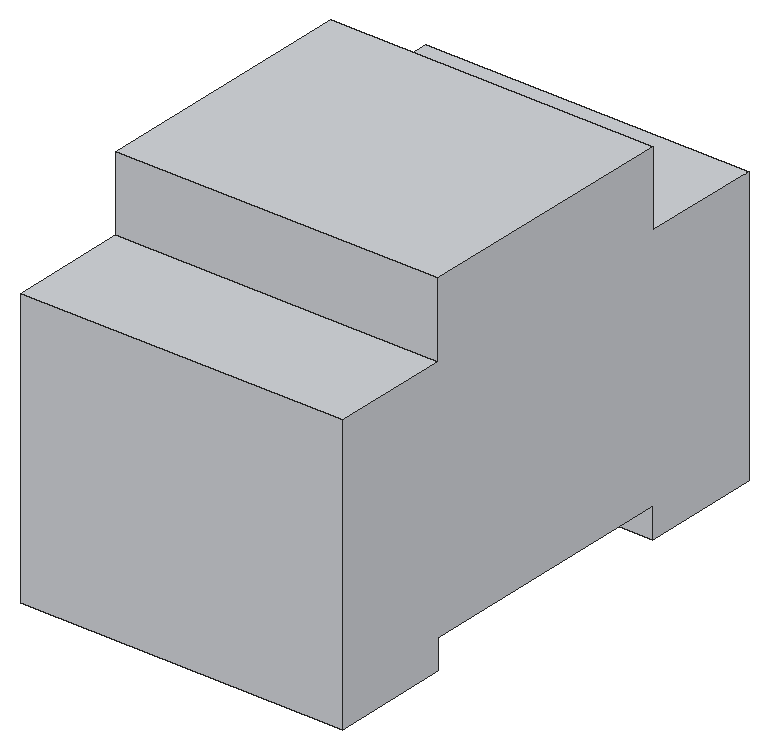
Revit family "Power-ModularDevices-GEWISS-90AM-CONTACTORS_40A", category Apparecchi elettrici, host Superficie, Revit 2016
Family settings
  Host = Superficie
  Mantenere orientamento annotazione = Sì
  Tipo di parte = Normale
  Quota connettore circolare = Usa diametro
  Numero OmniClass = 23.80.30.00
  Titolo OmniClass = Distribution Devices
  Taglio con vuoti quando caricato = No
  Condiviso = No
  Punto di calcolo locali = Sì
Parameters (values of type "GWD6725 - CONTACTOR 40A 2NO+2NC 230V 3M")
  dIST sIMBOLO [instance] = 6.4 mm  # constant formula
  Version file RFA = "18.0"
  URL = "https://www.gewiss.com/ww/en"
  Technical sheet = "https://www.gewiss.com/ww/en/search?q=GWD6725"
  TEXT LABEL = "A"
  Realized by GEWISS S.p.A. = ""
  Rated current (AC-1/AC-7a) = "40 A - CTR40"
  Default Elevation = 1219.2 mm
  Produttore = "GEWISS S.p.A."
  Potenza in Watt = 0 V
  Numero poli = 1
  No. Chorus modules = "3"
  Modello = "GWD6725"
  Immagine tipo = GWD6725.jpg
  IFC.TypeObject = ""
  IFC.ExportType = ""
  IFC.ExportAs = ""
  IDT = "cf1be6d4-11a6-4aae-8e9c-46eae0d5676d"
  IDF = "1bff8ad1-67a9-48c8-9278-5f77d0eb7883"
  Fin_contattore = none
  Electrocod = "1712                "
  EAN code = "8011564809628"
  Dist_dalla barra din [instance] = 5 mm
  Descrizione = "CONTACTOR 40A 2NO+2NC 230V 3M"
  D = 45 mm  # constant formula
  Control coil voltage (V) = "230Vac - 220Vdc"
  Contacts = "2NO+2NC"
  Catalogue Range = "90 AM"
  Catalogue = "POWER"
  COBie.Tagnumber = ""
  COBie.CreatedOn = ""
  COBie.CreatebBy = ""
  COBie.ComponentRegisterItemID = ""
  COBie.Component.TagNumber = ""
  COBie.Component.Space = ""
  COBie.Component.SerialNumber = ""
  COBie.Component.InstallationDate = ""
  COBie.Component.Description = ""
  COBie.Component.BarCode = ""
  C = 65 mm  # constant formula
  B = 85 mm  # constant formula
  A = 54 mm  # constant formula
Types (6, lengths in mm): name | URL | Technical sheet | Produttore | Modello | Immagine tipo | IDT | EAN code | Descrizione | Control coil voltage (V) | Contacts
  (no name) | 0 | "" | "GEWISS" | "GWD6721" | GWD6721.jpg | "" | "" | "CONTATTORE 40A 2NA 230V 3M" | "" | ""
  GWD6725 - CONTACTOR 40A 2NO+2NC 230V 3M | "https://www.gewiss.com/ww/en" | "https://www.gewiss.com/ww/en/search?q=GWD6725" | "GEWISS S.p.A." | "GWD6725" | GWD6725.jpg | "cf1be6d4-11a6-4aae-8e9c-46eae0d5676d" | "8011564809628" | "CONTACTOR 40A 2NO+2NC 230V 3M" | "230Vac - 220Vdc" | "2NO+2NC"
  GWD6724 - CONTACTOR 40A 4NO 230V 3M | "https://www.gewiss.com/ww/en" | "https://www.gewiss.com/ww/en/search?q=GWD6724" | "GEWISS S.p.A." | "GWD6724" | GWD6724.jpg | "2e6ec947-e023-42a4-a038-d84299cd4f13" | "8011564809611" | "CONTACTOR 40A 4NO 230V 3M" | "230Vac - 220Vdc" | "4NO"
  GWD6723 - CONTACTOR 40A 4NO 24V 3M | "https://www.gewiss.com/ww/en" | "https://www.gewiss.com/ww/en/search?q=GWD6723" | "GEWISS S.p.A." | "GWD6723" | GWD6723.jpg | "7136f710-4883-4bd2-ab5b-0f863c4dc4c2" | "8011564809604" | "CONTACTOR 40A 4NO 24V 3M" | "24Vac/dc" | "4NO"
  GWD6722 - CONTACTOR 40A 3NO 230V 3M | "https://www.gewiss.com/ww/en" | "https://www.gewiss.com/ww/en/search?q=GWD6722" | "GEWISS S.p.A." | "GWD6722" | GWD6722.jpg | "a0efce07-f68b-4c55-a0de-79bf7d568753" | "8011564809581" | "CONTACTOR 40A 3NO 230V 3M" | "230Vac - 220Vdc" | "3NO"
  GWD6721 - CONTACTOR 40A 2NO 230V 3M | "https://www.gewiss.com/ww/en" | "https://www.gewiss.com/ww/en/search?q=GWD6721" | "GEWISS S.p.A." | "GWD6721" | GWD6721.jpg | "890d420f-ac44-42ac-a49a-b4f572f91c22" | "8011564809598" | "CONTACTOR 40A 2NO 230V 3M" | "230Vac - 220Vdc" | "2NO"
Values of the unnamed type that differ from the named types
  Version file RFA = ""
  TEXT LABEL = ""
  Rated current (AC-1/AC-7a) = ""
  No. Chorus modules = ""
  IDF = ""
  Electrocod = ""
  Catalogue Range = ""
  Catalogue = ""
Reference planes
  plane 1 "Centro (Fronte/Retro)": y = 0
  plane 2: z = 0
  plane 3 "Centro (Sinistra/Destra)": x = 0
Dimensions and locks
  aligned and locked: plane 2 to host face
  aligned and locked: level to host face
  aligned and locked: plane 3 "Centro (Sinistra/Destra)" to nested 1
  aligned and locked: plane 1 "Centro (Fronte/Retro)" to nested 1
Nested families
  nested 1: "90AM CONTATTORI 40A_generico" at (0, 0, 0), type "90AM CONTATTORI 40A_generico"
Connectors
  electrical at (0, 42.5, 23.232)
    settings: on nested 1, index 1, voltage 230 V, apparent load 0 VA, apparent load phase1 0 VA, apparent load phase2 0 VA, apparent load phase3 0 VA, power factor 1, load classification "Altro", number of poles 1, system type 31, power factor state 1, is connector primary yes, connector utility no, sub classification motor no, connector description ""
Definition of nested family "90AM CONTATTORI 40A_generico"
  Parameters (values of type "90AM CONTATTORI 40A_generico")
    interruttore = none
    gw96003/04 = yes
    Default Elevation = 1219.2 mm
    Finitura Amperometro = none
    DIST_DALLA BARRA = 5 mm
    D = 45 mm
    C = 59 mm
    B = 85 mm
    A = 54 mm
  Reference planes
    plane 1 "Centro (Fronte/Retro)": y = 0
    plane 2: z = 0
    plane 3 "Centro (Sinistra/Destra)": x = 0
    plane 4: y = -22.5
    plane 5: y = 22.5
    plane 6: y = -32.5
    plane 7: y = 32.5
    plane 8: y = -42.5
    plane 9: y = 42.5
    plane 10 "POSIZIONAMENTO FRONTALE": z = 59
    plane 11: z = 0
    plane 12: z = 5
    plane 13 "FOROMETRIA": z = 33.929
    plane 14 "POSIZIONAMENTO 2D": z = 46.465
    plane 15: x = -27
    plane 16: x = 27
    plane 17: through (0, -1524, 57.378) normal (-0.6412, 0, 0.7674)
    plane 18: z = 43.108
    plane 19 "aaaa": y = -8.75
  Forms (mm)
    Extrusion 1, solid, material <- "Finitura Amperometro"
      sketch origin (0, 0, 5) x (0, 1, 0) y (0, 0, 1)
        loop
          line (22.5, 54) -> (-22.5, 54) -> (-22.5, 41.465) -> (-42.5, 41.465) -> (-42.5, -5) -> (-22.5, -5) -> (-22.5, 0) -> (22.5, 0) -> (22.5, -5) -> (42.5, -5) -> (42.5, 41.465) -> (22.5, 41.465) -> (22.5, 54)
      from -27 to 27
    Extrusion 2, solid, material <- "Finitura Amperometro", detail levels coarse
      sketch origin (0, 0, 33.929) x (0, -1, 0) y (1, 0, 0)
        loop
          line (-42.5, -27) -> (42.5, -27) -> (42.5, 27) -> (-42.5, 27) -> (-42.5, -27)
      from -28.929 to 25.071
    Extrusion 3, solid, material <- "Finitura Amperometro", detail levels coarse
      sketch origin (0, 0, 0) x (0, 1, 0) y (0, 0, 1)
        loop
          line (-3.75, 57.378) -> (3.75, 57.378) -> (3.75, 59) -> (-3.75, 59) -> (-3.75, 57.378)
      from -4.396 to 4.396
  Cuts and joins
    joined: Extrusion 2, Extrusion 3
  Lines and regions (mm)
    model lines, not visible
      curve 1: circle (49.559, -27.168, 46.465) r 2.5 normal (0, 0, 1)
      curve 2: circle (49.559, 28.832, 46.465) r 2.5 normal (0, 0, 1)
      curve 3: line (50.459, -37.043, 46.465) -> (50.459, -38.843, 46.465)
      curve 4: line (50.459, -38.843, 46.465) -> (48.659, -38.843, 46.465)
      curve 5: line (48.659, -38.843, 46.465) -> (48.659, -37.043, 46.465)
      curve 6: line (48.659, -37.043, 46.465) -> (50.459, -37.043, 46.465)
      curve 7: line (50.459, 40.507, 46.465) -> (50.459, 38.707, 46.465)
      curve 8: line (50.459, 38.707, 46.465) -> (48.659, 38.707, 46.465)
      curve 9: line (48.659, 38.707, 46.465) -> (48.659, 40.507, 46.465)
      curve 10: line (48.659, 40.507, 46.465) -> (50.459, 40.507, 46.465)
      curve 11: line (40.559, 23.332, 46.465) -> (58.559, 23.332, 46.465)
      curve 12: line (49.069, -24.716, 46.465) -> (49.069, -26.617, 46.465)
      curve 13: line (49.069, -26.617, 46.465) -> (47.087, -26.79, 46.465)
      curve 14: line (49.07, -29.619, 46.465) -> (49.07, -27.718, 46.465)
      curve 15: line (49.07, -27.718, 46.465) -> (47.087, -27.545, 46.465)
      curve 16: line (52.03, -26.789, 46.465) -> (50.046, -26.617, 46.465)
      curve 17: line (50.046, -26.617, 46.465) -> (50.046, -24.716, 46.465)
      curve 18: line (52.03, -27.545, 46.465) -> (50.046, -27.718, 46.465)
      curve 19: line (50.046, -27.718, 46.465) -> (50.046, -29.62, 46.465)
      curve 20: line (49.069, 31.284, 46.465) -> (49.069, 29.383, 46.465)
      curve 21: line (49.069, 29.383, 46.465) -> (47.087, 29.21, 46.465)
      curve 22: line (49.07, 26.381, 46.465) -> (49.07, 28.282, 46.465)
      curve 23: line (49.07, 28.282, 46.465) -> (47.087, 28.455, 46.465)
      curve 24: line (52.03, 29.211, 46.465) -> (50.046, 29.383, 46.465)
      curve 25: line (50.046, 29.383, 46.465) -> (50.046, 31.284, 46.465)
      curve 26: line (52.03, 28.455, 46.465) -> (50.046, 28.282, 46.465)
      curve 27: line (50.046, 28.282, 46.465) -> (50.046, 26.38, 46.465)
      curve 28: line (58.559, -41.668, 46.465) -> (58.559, -21.668, 46.465)
      curve 29: line (58.559, 43.332, 46.465) -> (40.559, 43.332, 46.465)
      curve 30: line (40.559, 43.332, 46.465) -> (40.559, 23.332, 46.465)
      curve 31: line (40.559, -41.668, 46.465) -> (58.559, -41.668, 46.465)
      curve 32: line (40.559, -21.668, 46.465) -> (58.559, -21.668, 46.465)
      curve 33: line (40.559, -21.668, 46.465) -> (40.559, -41.668, 46.465)
      curve 34: line (58.559, 23.332, 46.465) -> (58.559, 43.332, 46.465)
      curve 86: line (42.97, 22.567, 46.465) -> (96.97, 22.567, 46.465)
      curve 87: line (96.97, -42.433, 46.465) -> (96.97, -22.433, 46.465)
      curve 88: line (96.97, 42.567, 46.465) -> (42.97, 42.567, 46.465)
      curve 89: line (42.97, 42.567, 46.465) -> (42.97, 22.567, 46.465)
      curve 90: line (42.97, -42.433, 46.465) -> (96.97, -42.433, 46.465)
      curve 91: line (42.97, -22.433, 46.465) -> (96.97, -22.433, 46.465)
      curve 92: line (42.97, -22.433, 46.465) -> (42.97, -42.433, 46.465)
      curve 93: line (96.97, 22.567, 46.465) -> (96.97, 42.567, 46.465)
    model lines, detail levels medium+fine
      curve 35: line (-27, 9.895, 59) -> (27, 9.895, 59)
      curve 36: line (27, -22.5, 59) -> (27, -3.002, 59)
      curve 37: line (-27, 21.998, 59) -> (-27, -0.307, 59)
      curve 38: line (-27, -22.5, 59) -> (27, -22.5, 59)
      curve 39: line (-27, -0.307, 59) -> (-27, -22.5, 59)
      curve 40: line (27, -3.002, 59) -> (27, 21.998, 59)
      curve 54: arc (-2.313, -22.433, 46.465) -> (0.002, -28.558, 46.465) -> (2.318, -22.433, 46.465) r 3.5
      curve 56: circle (8.502, -32.808, 46.465) r 3.75 normal (0, 0, 1)
      curve 57: circle (20.002, -32.808, 46.465) r 3.75 normal (0, 0, 1)
      curve 58: circle (-19.998, -32.808, 46.465) r 3.75 normal (0, 0, 1)
      curve 59: circle (-8.498, -32.808, 46.465) r 3.75 normal (0, 0, 1)
      curve 60: circle (-19.998, 32.948, 46.465) r 3.75 normal (0, 0, 1)
      curve 61: circle (20.002, 32.948, 46.465) r 3.75 normal (0, 0, 1)
      curve 62: circle (-8.498, 32.948, 46.465) r 3.75 normal (0, 0, 1)
      curve 63: circle (8.502, 32.948, 46.465) r 3.75 normal (0, 0, 1)
      curve 64: arc (2.31, 22.567, 46.465) -> (0.002, 28.698, 46.465) -> (-2.305, 22.567, 46.465) r 3.5
    model lines, not visible, detail levels medium+fine
      curve 41: line (50.753, -0.698, 59) -> (50.753, 2.302, 59)
      curve 42: line (50.753, 2.302, 59) -> (54.853, 2.302, 59)
      curve 43: line (54.853, 2.302, 59) -> (54.853, -0.698, 59)
      curve 44: line (54.853, -0.698, 59) -> (50.753, -0.698, 59)
      curve 45: line (57.253, -1.182, 59) -> (48.703, -1.182, 59)
      curve 46: line (48.703, -1.182, 59) -> (48.703, 3.473, 59)
      curve 47: line (57.453, 3.473, 59) -> (39.453, 3.473, 59)
      curve 48: line (39.453, 5.599, 59) -> (57.453, 5.599, 59)
      curve 49: line (57.453, -26.796, 59) -> (57.453, -7.298, 59)
      curve 50: line (39.453, 17.702, 59) -> (39.453, -4.603, 59)
      curve 51: line (39.453, -26.796, 59) -> (57.453, -26.796, 59)
      curve 52: line (39.453, -4.603, 59) -> (39.453, -26.796, 59)
      curve 53: line (57.453, -7.298, 59) -> (57.453, 17.702, 59)
      curve 74: arc (67.656, -22.433, 46.465) -> (69.972, -28.558, 46.465) -> (72.287, -22.433, 46.465) r 3.5
      curve 76: circle (78.472, -32.808, 46.465) r 3.75 normal (0, 0, 1)
      curve 77: circle (89.972, -32.808, 46.465) r 3.75 normal (0, 0, 1)
      curve 78: circle (49.972, -32.808, 46.465) r 3.75 normal (0, 0, 1)
      curve 79: circle (61.472, -32.808, 46.465) r 3.75 normal (0, 0, 1)
      curve 80: circle (49.972, 32.948, 46.465) r 3.75 normal (0, 0, 1)
      curve 81: circle (89.972, 32.948, 46.465) r 3.75 normal (0, 0, 1)
      curve 82: circle (61.472, 32.948, 46.465) r 3.75 normal (0, 0, 1)
      curve 83: circle (78.472, 32.948, 46.465) r 3.75 normal (0, 0, 1)
      curve 84: arc (72.279, 22.567, 46.465) -> (69.972, 28.698, 46.465) -> (67.664, 22.567, 46.465) r 3.5
    model lines, detail levels fine
      curve 55: circle (0.002, -35.058, 46.465) r 2.5 normal (0, 0, 1)
      curve 65: circle (0.002, 35.198, 46.465) r 2.5 normal (0, 0, 1)
    model lines
      curve 66: line (-27, 22.567, 46.465) -> (27, 22.567, 46.465)
      curve 67: line (27, -42.433, 46.465) -> (27, -22.433, 46.465)
      curve 68: line (27, 42.567, 46.465) -> (-27, 42.567, 46.465)
      curve 69: line (-27, 42.567, 46.465) -> (-27, 22.567, 46.465)
      curve 70: line (-27, -42.433, 46.465) -> (27, -42.433, 46.465)
      curve 71: line (-27, -22.433, 46.465) -> (27, -22.433, 46.465)
      curve 72: line (-27, -22.433, 46.465) -> (-27, -42.433, 46.465)
      curve 73: line (27, 22.567, 46.465) -> (27, 42.567, 46.465)
      curve 94: line (18.214, -4.289, 59) -> (23.456, -4.289, 59)
      curve 95: line (18.214, -8.75, 59) -> (18.214, -4.289, 59)
      curve 96: line (23.456, -8.75, 59) -> (18.214, -8.75, 59)
      curve 97: line (23.456, -4.289, 59) -> (23.456, -8.75, 59)
    model lines, not visible, detail levels fine
      curve 75: circle (69.972, -35.058, 46.465) r 2.5 normal (0, 0, 1)
      curve 85: circle (69.972, 35.198, 46.465) r 2.5 normal (0, 0, 1)
  Dimensions and locks
    equal spacing: plane 4, plane 1 "Centro (Fronte/Retro)", plane 5
    "D": plane 4 to plane 5
    "C": plane 11 to plane 10 "POSIZIONAMENTO FRONTALE"
    locked: plane 11 to plane 12 at 5
    "B": plane 8 to plane 9
    equal spacing: plane 8, plane 1 "Centro (Fronte/Retro)", plane 9
    plane 12 to plane 13 "FOROMETRIA" = 28.929 mm
    equal spacing: plane 10 "POSIZIONAMENTO FRONTALE", plane 14 "POSIZIONAMENTO 2D", plane 13 "FOROMETRIA"
    locked: plane 6 to plane 4 at 10
    locked: plane 5 to plane 7 at 10
    equal spacing: plane 15, plane 3 "Centro (Sinistra/Destra)", plane 16
    "A": plane 15 to plane 16
    "DIST_DALLA BARRA": plane 2 to plane 12
    plane 8 to plane 6 = 10 mm
    locked: plane 14 "POSIZIONAMENTO 2D" to plane 18 at 3.357
    aligned and locked: level to plane 2
    aligned and locked: plane 4 to Extrusion 1 sketch curve
    aligned and locked: plane 5 to Extrusion 1 sketch curve
    aligned and locked: plane 8 to Extrusion 1 sketch curve
    aligned and locked: plane 9 to Extrusion 1 sketch curve
    aligned and locked: plane 12 to Extrusion 1 sketch curve
    aligned and locked: plane 11 to Extrusion 1 sketch curve  (x2)
    aligned and locked: plane 14 "POSIZIONAMENTO 2D" to Extrusion 1 sketch curve
    aligned and locked: Extrusion 1 sketch curve to plane 14 "POSIZIONAMENTO 2D"
    aligned and locked: plane 15 to Extrusion 1
    aligned and locked: Extrusion 1 to plane 16
    aligned and locked: plane 16 to Extrusion 2 sketch curve
    aligned and locked: plane 9 to Extrusion 2 sketch curve
    aligned and locked: Extrusion 2 sketch curve to plane 15
    aligned and locked: Extrusion 2 sketch curve to plane 8
    aligned and locked: Extrusion 2 to plane 10 "POSIZIONAMENTO FRONTALE"
    aligned and locked: plane 12 to Extrusion 2
    aligned and locked: Extrusion 1 sketch curve to plane 10 "POSIZIONAMENTO FRONTALE"
    aligned and locked: plane 15 to curve 72
  Automatic sketch dimensions
    plane 10 "POSIZIONAMENTO FRONTALE" to Extrusion 3 sketch curve = 0 mm
    Extrusion 3 sketch curve to plane 1 "Centro (Fronte/Retro)" = 3.75 mm
    plane 1 "Centro (Fronte/Retro)" to Extrusion 3 sketch curve = 3.75 mm
    plane 10 "POSIZIONAMENTO FRONTALE" to Extrusion 3 sketch curve = 1.622 mm
    curve 38 to curve 36 = 54 mm
    curve 36 to curve 36 = 19.498 mm
    curve 36 to curve 39 = 54.067 mm
    curve 35 to curve 40 = 12.103 mm
    curve 35 to curve 37 = 12.103 mm
    curve 50 to curve 45 = 9.25 mm
    curve 46 to curve 41 = 2.05 mm
    curve 41 to curve 43 = 4.1 mm
    curve 51 to curve 49 = 18 mm
    curve 49 to curve 49 = 19.498 mm
    curve 49 to curve 52 = 2.695 mm
    curve 50 to curve 45 = 3.421 mm
    curve 45 to curve 44 = 0.484 mm
    curve 41 to curve 42 = 3 mm
    curve 43 to curve 45 = 2.4 mm
    curve 41 to curve 46 = 1.171 mm
    curve 47 to curve 48 = 2.126 mm
    curve 48 to curve 53 = 12.103 mm
    curve 48 to curve 50 = 12.103 mm
    curve 35 to plane 15 = 0 mm
    plane 19 "aaaa" to curve 96 = 0 mm
    plane 4 to curve 38 = 0 mm
    curve 38 to plane 16 = 0 mm
    plane 1 "Centro (Fronte/Retro)" to curve 95 = 4.289 mm
    plane 16 to curve 95 = 8.786 mm
    plane 16 to curve 97 = 3.544 mm
    plane 1 "Centro (Fronte/Retro)" to curve 40 = 3.002 mm
    plane 1 "Centro (Fronte/Retro)" to curve 39 = 0.307 mm
    curve 35 to plane 1 "Centro (Fronte/Retro)" = 9.895 mm
    plane 5 to curve 37 = 0.502 mm
    plane 5 to curve 40 = 0.502 mm
    curve 68 to curve 60 = 9.618 mm
    curve 63 to curve 61 = 0 mm
    curve 61 to curve 73 = 10.382 mm
    curve 66 to curve 71 = 45 mm
    curve 54 to curve 54 = 2.625 mm
    curve 67 to curve 57 = 10.375 mm
    curve 54 to curve 59 = 7.75 mm
    curve 58 to curve 59 = 0 mm
    curve 56 to curve 57 = 0 mm
    curve 56 to curve 55 = 2.25 mm
    curve 58 to curve 72 = 9.625 mm
    curve 69 to curve 72 = 0 mm
    curve 68 to curve 60 = 7.002 mm
    curve 70 to curve 58 = 7.002 mm
    curve 58 to curve 59 = 11.5 mm
    curve 60 to curve 62 = 11.5 mm
    curve 59 to curve 55 = 8.5 mm
    curve 54 to curve 55 = 0 mm
    curve 55 to curve 56 = 8.5 mm
    curve 63 to curve 61 = 11.5 mm
    curve 56 to curve 57 = 11.5 mm
    curve 57 to curve 71 = 6.998 mm
    curve 61 to curve 68 = 6.998 mm
    curve 54 to curve 54 = 2.316 mm
    curve 64 to curve 64 = 2.307 mm
    curve 65 to curve 62 = 2.25 mm
    curve 62 to curve 65 = 8.5 mm
    curve 64 to curve 65 = 0 mm
    curve 65 to curve 60 = 2.25 mm
    curve 65 to curve 63 = 2.25 mm
    curve 64 to curve 64 = 2.632 mm
    curve 65 to curve 63 = 8.5 mm
    curve 88 to curve 80 = 9.618 mm
    curve 83 to curve 81 = 0 mm
    curve 81 to curve 93 = 10.382 mm
    curve 86 to curve 91 = 45 mm
    curve 74 to curve 74 = 2.625 mm
    curve 87 to curve 77 = 10.375 mm
    curve 74 to curve 79 = 7.75 mm
    curve 78 to curve 79 = 0 mm
    curve 76 to curve 77 = 0 mm
    curve 76 to curve 75 = 2.25 mm
    curve 78 to curve 92 = 9.625 mm
    curve 89 to curve 92 = 0 mm
    curve 88 to curve 80 = 7.002 mm
    curve 90 to curve 78 = 7.002 mm
    curve 78 to curve 79 = 11.5 mm
    curve 80 to curve 82 = 11.5 mm
    curve 79 to curve 75 = 8.5 mm
    curve 74 to curve 75 = 0 mm
    curve 75 to curve 76 = 8.5 mm
    curve 83 to curve 81 = 11.5 mm
    curve 76 to curve 77 = 11.5 mm
    curve 77 to curve 91 = 6.998 mm
    curve 81 to curve 88 = 6.998 mm
    curve 74 to curve 74 = 2.316 mm
    curve 84 to curve 84 = 2.307 mm
    curve 85 to curve 82 = 2.25 mm
    curve 82 to curve 85 = 8.5 mm
    curve 84 to curve 85 = 0 mm
    curve 85 to curve 80 = 2.25 mm
    curve 85 to curve 83 = 2.25 mm
    curve 84 to curve 84 = 2.632 mm
    curve 85 to curve 83 = 8.5 mm
    Extrusion 1 sketch curve to plane 4 = 0 mm
    Extrusion 1 sketch curve to plane 5 = 0 mm
    radius of curve 56 = 3.75 mm
    radius of curve 57 = 3.75 mm
    radius of curve 58 = 3.75 mm
    radius of curve 59 = 3.75 mm
    radius of curve 60 = 3.75 mm
    radius of curve 61 = 3.75 mm
    radius of curve 62 = 3.75 mm
    radius of curve 63 = 3.75 mm
    radius of curve 55 = 2.5 mm
    radius of curve 65 = 2.5 mm
    radius of curve 76 = 3.75 mm
    radius of curve 77 = 3.75 mm
    radius of curve 78 = 3.75 mm
    radius of curve 79 = 3.75 mm
    radius of curve 80 = 3.75 mm
    radius of curve 81 = 3.75 mm
    radius of curve 82 = 3.75 mm
    radius of curve 83 = 3.75 mm
    radius of curve 75 = 2.5 mm
    radius of curve 85 = 2.5 mm
